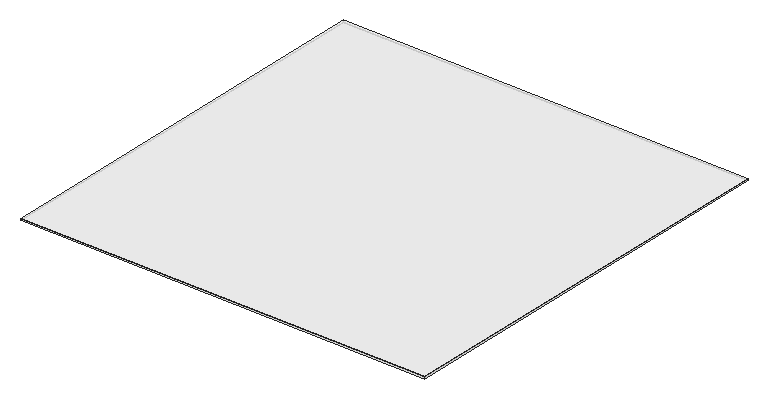
Revit family "LHBA", category Lighting Fixtures, host Ceiling, Revit 2019
Family settings
  Host = Ceiling
  Round Connector Dimension = Use Diameter
  Part Type = Normal
  OmniClass Number = 23.80.70.11.14.11
  OmniClass Title = Downlights
  Always vertical = Yes
  Cut with Voids When Loaded = No
  Light Source = Yes
  Shared = No
  Room Calculation Point = No
Parameters (values of type "LHBA2x2-LED840K100LUNV-P73")
  Width = 2' - 0"
  Wattage = 79 W
  built-in parameter 1150110 = 1 (stored number, unit not read)
  Voltage = 120 V  # constant formula
  URL = "https://www.viscor.com/en/products/lhba"
  built-in parameter 1114217 = 0.9 (stored number, unit not read)
  Tilt Angle = 90.00°
  built-in parameter 1150109 = 1 (stored number, unit not read)
  built-in parameter 1150134 = 12
  built-in parameter 1150113 = 1 (stored number, unit not read)
  Photometric Web File = "LHBA2x2-LED840K100LUNV-P73.ies"
  Model = "LHBA"  # constant formula
  Manufacturer = "VISIONEERING by VISCOR"  # constant formula
  Lumens = 9717 lm
  built-in parameter 1150115 = 1 (stored number, unit not read)
  built-in parameter 1150105 = 773.25 (stored number, unit not read)
  built-in parameter 1150137 = (empty or 0)
  built-in parameter 1150139 = (empty or 0)
  Lens Finish = Polycarbonate - Viscor - White Translucent
  Length = 2' - 0"
  Lamp Wattage = 79 VA
  built-in parameter 1150112 = 1 (stored number, unit not read)
  built-in parameter 1150114 = 1 (stored number, unit not read)
  Lamp = "LED"  # constant formula
  built-in parameter 1150132 = (empty or 0)
  built-in parameter 1150102 = (empty or 0)
  built-in parameter 1150138 = (empty or 0)
  built-in parameter 1150107 = 4000 (stored number, unit not read)
  built-in parameter 1150106 = 7.7325 (stored number, unit not read)
  Housing Finish = Metal - Viscor - White
  Height = 0' - 4 1/2"
  Emit from Rectangle Width = Width  # 2' - 0"
  Emit from Rectangle Length = Length  # 2' - 0"
  Emit Shape Visible in Rendering = no
  built-in parameter 1150104 = 11.427 (stored number, unit not read)
  Dimming Lamp Color Temperature Shift = <None>
  Description = "LED Pendant Mount High Bay"  # constant formula
  Color Filter = 16777215
  built-in parameter 1114218 = 1 (stored number, unit not read)
  built-in parameter 1150133 = 10 (stored number, unit not read)
  Assembly Code = "D5020200"
  Apparent Load = Lamp Wattage  # 79 VA
Types (6): name | Wattage | Photometric Web File | Lumens | built-in parameter 1150105 | Lamp Wattage | built-in parameter 1150106 | built-in parameter 1150104 | Apparent Load
  (no name) | 79 W | "LHBA2x2-LED840K100LUNV-P73.ies" | 9717 lm | 773.25 (stored number, unit not read) | 79 VA | 7.7325 (stored number, unit not read) | 11.427 (stored number, unit not read) | 79 VA
  LHBA2x2-LED840K100LUNV-P73 | 79 W | "LHBA2x2-LED840K100LUNV-P73.ies" | 9717 lm | 773.25 (stored number, unit not read) | 79 VA | 7.7325 (stored number, unit not read) | 11.427 (stored number, unit not read) | 79 VA
  LHBA2x2-LED840K120LUNV-P73 | 92 W | "LHBA2x2-LED840K120LUNV-P73-G0579.IES" | 9752 lm | 776.04 (stored number, unit not read) | 92 VA | 7.7604 (stored number, unit not read) | 9.8477 (stored number, unit not read) | 92 VA
  LHBA2x2-LED840K150LUNV-P73 | 119 W | "LHBA2x2-LED840K150LUNV-P73-G001692.IES" | 15232 lm | 1212.1 (stored number, unit not read) | 119 VA | 12.121 (stored number, unit not read) | 11.892 (stored number, unit not read) | 119 VA
  LHBA2x2-LED840K200LUNV-P73 | 156 W | "LHBA2x2-LED840K200LUNV-P73.ies" | 19500 lm | 1551.8 (stored number, unit not read) | 156 VA | 15.518 (stored number, unit not read) | 11.613 (stored number, unit not read) | 156 VA
  LHBA2x2-LED840K240LUNV-P73 | 186 W | "LHBA2x2-LED840K240LUNV-P73-G001727.IES" | 23622 lm | 1879.8 (stored number, unit not read) | 186 VA | 18.798 (stored number, unit not read) | 11.799 (stored number, unit not read) | 186 VA
Reference planes (in)
  plane 1 "Light Source Axis (F/B)": y = 0
  plane 2 "Ceiling": z = 240
  plane 3 "Light Source Axis (L/R)": x = 0
  plane 4 "Light Source Elevation": z = 228
  plane 5: x = -12
  plane 6: x = 12
  plane 7: y = 12
  plane 8: y = -12
  plane 9: x = -11.97
  plane 10: x = 11.97
  plane 11: y = 11.97
  plane 12: y = -11.97
  plane 13: x = -7.8125
  plane 14: x = 7.8125
  plane 15: y = -7.8125
  plane 16: y = 7.8125
Forms (in)
  Extrusion 1, solid, material "Polycarbonate - Viscor - White Translucent" <- "Lens Finish"
    sketch origin (0, 0, 0) x (0, 1, 0) y (0, 0, 1)
      loop
        line (7.8125, 228.99) -> (7.8125, 229.07) -> (-7.8125, 229.07) -> (-7.8125, 228.99) -> (7.8125, 228.99)
    from -7.8125 to 7.8125
Dimensions and locks (in)
  equal spacing: host sketch curve, plane 3 "Light Source Axis (L/R)", host sketch curve
  equal spacing: host sketch curve, plane 1 "Light Source Axis (F/B)", host sketch curve
  host sketch curve to host sketch curve = 10' - 0"  (x2)
  equal spacing: plane 5, plane 3 "Light Source Axis (L/R)", plane 6
  "Length": plane 5 to plane 6
  equal spacing: plane 7, plane 1 "Light Source Axis (F/B)", plane 8
  "Width": plane 7 to plane 8
  locked: plane 5 to plane 9 at 0.03
  locked: plane 10 to plane 6 at 0.03
  locked: plane 7 to plane 11 at 0.03
  locked: plane 12 to plane 8 at 0.03
  locked: plane 5 to plane 13 at 4.1875
  locked: plane 14 to plane 6 at 4.1875
  locked: plane 15 to plane 8 at 4.1875
  locked: plane 7 to plane 16 at 4.1875
  aligned and locked: plane 3 "Light Source Axis (L/R)" to imposter light
  aligned and locked: imposter light to plane 1 "Light Source Axis (F/B)"
  aligned and locked: plane 4 "Light Source Elevation" to imposter light
  aligned and locked: Extrusion 1 to plane 13
  aligned and locked: plane 14 to Extrusion 1
  aligned and locked: plane 16 to Extrusion 1
  aligned and locked: Extrusion 1 to plane 15
Automatic sketch dimensions
  plane 15 to Extrusion 1 sketch curve = 0' - 0"
  Extrusion 1 sketch curve to plane 16 = 0' - 0"
  Extrusion 1 sketch curve to plane 4 "Light Source Elevation" = 0' - 0.99"
  Extrusion 1 sketch curve to Extrusion 1 sketch curve = 0' - 0.08"
Connectors (in)
  electrical at (0, 0, 228), driven by "Voltage", driven by "Lamp Wattage"
    settings: index 2, voltage 120 V, apparent load 0 VA, apparent load phase1 79 VA, apparent load phase2 0 VA, apparent load phase3 0 VA, power factor 1, load classification "Other", number of poles 1, system type 31, power factor state 1, is connector primary yes, connector utility no, sub classification motor no, connector description ""
